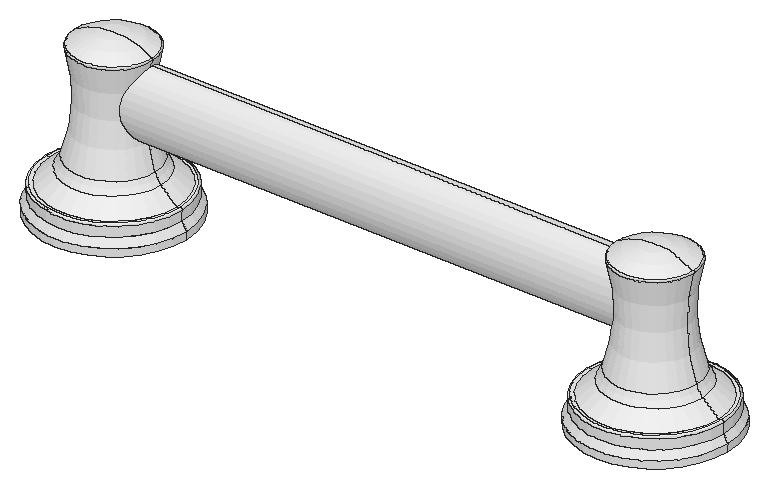
Revit family "Bathroom_Accessory-Delta-Transitional_Decorative_ADA_Grab_Bar-42in", category Plumbing Fixtures, host Face, Revit 2014
Parameters (values of type "41712")
  Width = 1' - 0"
  Warranty = "http://www.deltafaucet.com/customersupport/warranty.html"
  WFU = 0
  URL = "http://www.deltafaucet.com/"
  Type Comments = ""
  Series = "DELTA"
  Product Page URL = "http://www.deltafaucet.com/bath/details/41712"
  Product Name = "Transitional Decorative ADA Grab Bar - 12″"
  Product Documentation Link = "http://www.deltafaucet.com/customersupport/documentation/41736.html?document=ts&fromDetailArea=bath&documentIndex=0#flashWrapper"
  Model = "41712"
  Manufacturer = "DELTA"  # constant formula
  Keynote = ""
  Hot Water Connection = 1/2"
  HWFU = 0
  HWC R = Hot Water Connection / 2  # 1/4"
  Finish = Chrome - DELTA - Polished
  Description = ""
  Default Elevation = 3' - 9 1/4"
  Cost = 0
  Collection = ""
  Cold Water Connection = 1/2"
  CWFU = 0
  CWC R = Cold Water Connection / 2  # 1/4"
  Assembly Code = ""
  Actual Valve Water Flow = 0 GPM
  ADA Compliant = yes
Types (6): name | Width | Product Page URL | Product Name | Model
  (no name) | 1' - 0" | "http://www.deltafaucet.com/bath/details/41712" | "Transitional Decorative ADA Grab Bar - 12″" | "41712"
  41742 | 3' - 6" | "http://www.deltafaucet.com/bath/details/41736.html" | "Transitional Decorative ADA Grab Bar - 42″" | "41742"
  41712 | 1' - 0" | "http://www.deltafaucet.com/bath/details/41712" | "Transitional Decorative ADA Grab Bar - 12″" | "41712"
  41718 | 1' - 6" | "http://www.deltafaucet.com/bath/details/41718" | "Transitional Decorative ADA Grab Bar - 18″" | "41718"
  41724 | 2' - 0" | "http://www.deltafaucet.com/bath/details/41724" | "Transitional Decorative ADA Grab Bar - 24″" | "41724"
  41736 | 3' - 0" | "http://www.deltafaucet.com/bath/details/41736" | "Transitional Decorative ADA Grab Bar - 36″" | "41736"
Reference planes (in)
  plane 1 "Center (Front/Back)": y = 0
  plane 2: z = 0
  plane 3 "Center (Left/Right)": x = 0
  plane 4: x = 6
  plane 5: x = -6
Forms (in)
  Extrusion 1, solid, material "Chrome - DELTA - Polished" <- "Finish"
    sketch origin (0, 0, 0) x (0, 1, 0) y (0, 0, 1)
      loop
        spline (0, 1.67197) -> (0.13143, 1.6975) -> (0.2539, 1.77238) -> (0.35907, 1.89148) -> (0.43977, 2.0467) -> (0.4905, 2.22746) -> (0.5078, 2.42143) -> (0.4905, 2.61541) -> (0.43977, 2.79617) -> (0.35907, 2.95139) -> (0.2539, 3.07049) -> (0.13143, 3.14536) -> (0, 3.1709)
        spline (0, 3.1709) -> (-0.13143, 3.14536) -> (-0.2539, 3.07049) -> (-0.35907, 2.95139) -> (-0.43977, 2.79617) -> (-0.4905, 2.61541) -> (-0.5078, 2.42143) -> (-0.4905, 2.22746) -> (-0.43977, 2.0467) -> (-0.35907, 1.89148) -> (-0.2539, 1.77238) -> (-0.13143, 1.6975) -> (0, 1.67197)
    from -6 to 6
Lines and regions (in)
  Masking region 1, detail levels coarse
    outline origin (0, 0, 0) x (1, 0, 0) y (0, 0, 1)
      loop
        line (7.6138, 0) -> (7.6138, 3.56304) -> (-7.6138, 3.56304) -> (-7.6138, 0) -> (7.6138, 0)
  Masking region 2, detail levels medium+fine
    outline origin (-2.22852, 0, 0) x (1, 0, 0) y (0, 0, 1)
      loop
        line (7.40457, 3.1709) -> (-2.94681, 3.1709)
        arc (-2.94681, 3.1709) -> (-3.05863, 2.42467) -> (-3.0053, 1.67199) r 3.44474
        line (-3.0053, 1.67199) -> (7.46306, 1.67199)
        arc (7.46306, 1.67199) -> (7.51639, 2.42467) -> (7.40457, 3.1709) r 3.44477
Dimensions and locks (in)
  locked: plane 1 "Center (Front/Back)" to Extrusion 1 sketch curve at 0
  locked: Extrusion 1 sketch curve to plane 2 at 2.42143
  equal spacing: plane 4, plane 3 "Center (Left/Right)", plane 5
  locked: plane 2 to Masking region 1 sketch curve at 3.56304
  equal spacing: plane 5, plane 3 "Center (Left/Right)", plane 4
  "Width": plane 5 to plane 4
  plane 5 to Masking region 2 sketch curve to Masking region 2 sketch curve = 0' - 0.71023" locked, 0' - 3.44474" locked
  plane 4 to Masking region 2 sketch curve to Masking region 2 sketch curve = 0' - 0.7095" locked, 0' - 3.44477" locked
  Masking region 2 sketch curve to Masking region 2 sketch curve to Masking region 2 sketch curve to Masking region 2 sketch curve to plane 2 = 0' - 0.88056" locked, 0' - 0" locked, 0' - 0.61835" locked, 0' - 1.67199" locked
  locked: Masking region 1 sketch curve to plane 5 at 1.6138
  locked: Masking region 1 sketch curve to plane 4 at 1.6138
  aligned and locked: plane 2 to host face
  aligned and locked: level to host face
  aligned and locked: plane 5 to Extrusion 1
  aligned and locked: plane 4 to Extrusion 1
  aligned and locked: Masking region 1 sketch curve to plane 2
  aligned and locked: nested 1 to plane 5
  aligned and locked: plane 4 to nested 2
  aligned and locked: plane 1 "Center (Front/Back)" to nested 1
  aligned and locked: plane 1 "Center (Front/Back)" to nested 2
Automatic sketch dimensions
  host sketch curve to host sketch curve = 8' - 0"  (x2)
  Extrusion 1 sketch curve to Extrusion 1 sketch curve = 0' - 0.74947"
Nested families (in)
  nested 1: "4 nested" at (-6, 0, 0), type "4 nested", detail levels medium+fine
  nested 2: "4 nested" at (6, 0, 0), type "4 nested", detail levels medium+fine
Definition of nested family "4 nested"
  Parameters (values of type "4 nested")
    Warranty = "http://www.deltafaucet.com/customersupport/warranty.html"
    URL = "http://www.deltafaucet.com/"
    Series = "DELTA"
    Product Page URL = "http://www.deltafaucet.com/bath/details/41736.html"
    Product Name = "Transitional Decorative ADA Grab Bar - 42″"
    Product Documentation Link = "http://www.deltafaucet.com/customersupport/documentation/41736.html?document=ts&fromDetailArea=bath&documentIndex=0#flashWrapper"
    Model = "41742"
    Manufacturer = "DELTA"  # constant formula
    Hot Water Connection = 1/2"
    HWC R = Hot Water Connection / 2  # 1/4"
    Finish = Chrome - DELTA - Polished
    Default Elevation = 3' - 9 1/4"
    Collection = ""
    Cold Water Connection = 1/2"
    CWC R = Cold Water Connection / 2  # 1/4"
    Actual Valve Water Flow = 0 GPM
    ADA Compliant = yes
  Reference planes (in)
    plane 1 "Center (Front/Back)": y = 0
    plane 2: z = 0
    plane 3 "Center (Left/Right)": x = 0
    plane 4: x = -0.00037
  Forms (in)
    Extrusion 1, solid
      sketch origin (0, 0, 0) x (1, 0, 0) y (0, 1, 0)
        loop
          line (-48, 48) -> (-48, -48) -> (48, -48) -> (48, 48) -> (-48, 48)
      from 0 to -12
    Revolve 2, solid, material "Chrome - DELTA - Polished" <- "Finish"
      sketch origin (11.91532, -0.00416, 0) x (1, 0, 0) y (0, 0, 1)
        loop
          arc (-12.75654, 3.31972) -> (-12.77239, 3.30024) -> (-12.77325, 3.27514) r 0.0394
          arc (-12.77325, 3.27514) -> (-12.63115, 2.18334) -> (-12.84077, 1.10247) r 3.44474
          arc (-12.84077, 1.10247) -> (-12.89376, 0.98597) -> (-12.96354, 0.87868) r 0.85585
          line (-12.96354, 0.87868) -> (-13.32119, 0.58268) -> (-13.39206, 0.58268)
          arc (-13.39206, 0.58268) -> (-13.4199, 0.57115) -> (-13.43143, 0.54331) r 0.03937
          line (-13.43143, 0.54331) -> (-13.43143, 0.32796) -> (-13.52985, 0.15749) -> (-13.52985, 0) -> (-11.91532, 0) -> (-11.91532, 3.56304)
          arc (-11.91532, 3.56304) -> (-12.35318, 3.50104) -> (-12.75654, 3.31972) r 1.57453
        axis (-11.91532, 3.56304) -> (-11.91532, 0)
      angle from 0 to 360
  Lines and regions (in)
    Masking region 1, detail levels medium+fine
      outline origin (18.77506, 0, 0) x (1, 0, 0) y (0, 0, 1)
        loop
          arc (-17.9342, 3.31972) -> (-18.33738, 3.50099) -> (-18.77506, 3.56304) r 1.57453
          arc (-18.77506, 3.56304) -> (-19.21273, 3.50099) -> (-19.61591, 3.31972) r 1.57453
          arc (-19.61591, 3.31972) -> (-19.63176, 3.30024) -> (-19.63263, 3.27514) r 0.0394
          arc (-19.63263, 3.27514) -> (-19.49052, 2.18334) -> (-19.70014, 1.10247) r 3.44474
          arc (-19.70014, 1.10247) -> (-19.75314, 0.98597) -> (-19.82292, 0.87868) r 0.85585
          line (-19.82292, 0.87868) -> (-20.18057, 0.58268) -> (-20.25143, 0.58268)
          arc (-20.25143, 0.58268) -> (-20.27927, 0.57115) -> (-20.2908, 0.54331) r 0.03937
          line (-20.2908, 0.54331) -> (-20.2908, 0.32796) -> (-20.38922, 0.15749) -> (-20.38922, 0) -> (-18.77506, 0) -> (-17.16089, 0) -> (-17.16089, 0.15749) -> (-17.25931, 0.32796) -> (-17.25931, 0.54331)
          arc (-17.25931, 0.54331) -> (-17.27084, 0.57115) -> (-17.29868, 0.58268) r 0.03937
          line (-17.29868, 0.58268) -> (-17.36955, 0.58268) -> (-17.7272, 0.87868)
          arc (-17.7272, 0.87868) -> (-17.79697, 0.98597) -> (-17.84997, 1.10247) r 0.85585
          arc (-17.84997, 1.10247) -> (-18.05959, 2.18334) -> (-17.91748, 3.27514) r 3.44474
          arc (-17.91748, 3.27514) -> (-17.91835, 3.30024) -> (-17.9342, 3.31972) r 0.0394
  Dimensions and locks (in)
    plane 3 "Center (Left/Right)" to Revolve 2 sketch curve to Revolve 2 sketch curve to Revolve 2 sketch curve to Revolve 2 sketch curve to Revolve 2 sketch curve to Revolve 2 sketch curve to Revolve 2 sketch curve to Revolve 2 sketch curve = 0' - 0.00037" locked, 0' - 0.81981" locked, 0' - 0.22805" locked, 0' - 0.35765" locked, 0' - 0.07087" locked, 0' - 0.03937" locked, 0' - 0.09842" locked, 0' - 2.54438" locked
    Revolve 2 sketch curve to Revolve 2 sketch curve to Revolve 2 sketch curve to Revolve 2 sketch curve to Revolve 2 sketch curve to Revolve 2 sketch curve to Revolve 2 sketch curve to Revolve 2 sketch curve to plane 2 = 0' - 0.99607" locked, 0' - 0.30183" locked, 0' - 1.10983" locked, 0' - 0.296" locked, 0' - 0.03937" locked, 0' - 0.21535" locked, 0' - 0.17047" locked, 0' - 0.15749" locked
    aligned and locked: plane 2 to Extrusion 1
    aligned and locked: level to Extrusion 1
